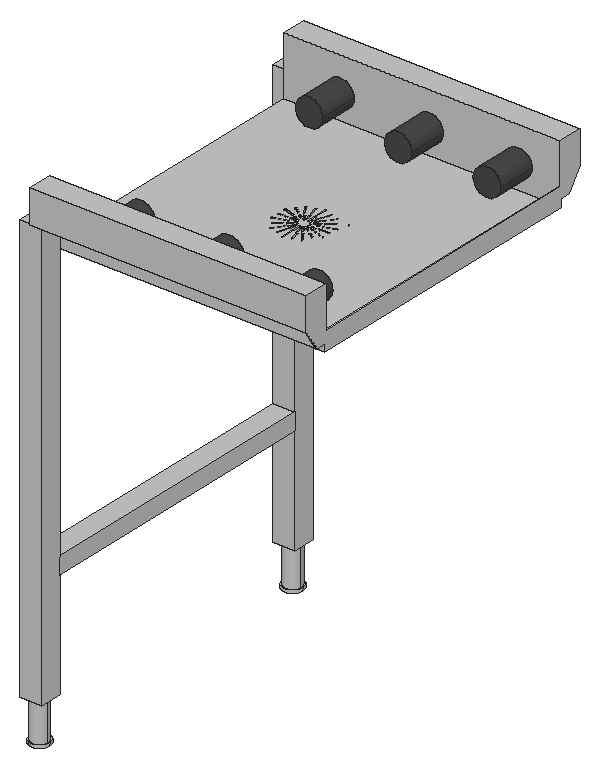
Revit family "QF_ELECTROLUXPROFESSIONAL_863138_HSSRC5", category Specialty Equipment, Revit 2018
Family settings
  Round Connector Dimension = Use Diameter
  Part Type = Normal
  Work Plane-Based = No
  Always vertical = Yes
  Cut with Voids When Loaded = No
  Shared = No
  Room Calculation Point = No
Parameters (values of type "QF_ELECTROLUX_863138_HSSRC5")
  Weight = 9.00 kg
  Watts = 0 W
  Volts = 0 V
  URL Manufacturer = "http://professional.electrolux.com"
  URL = "http://professional.electrolux.com"
  Steam Supply Size = 0 mm
  Steam Supply Minimum Pressure = 0.0 Pa
  Steam Supply Maximum Pressure = 0.0 Pa
  Steam Pounds per Hour = 0
  Refrigeration Suction Line Size = 0 mm
  Refrigeration Liquid Line Size = 0 mm
  Refrigerant Compressor Remote = yes
  Manufacturer = "Electrolux"
  Phase = 0
  Model = "HSSRC5"
  Length Actual = 500 mm  # constant formula
  Item Number = "863138"
  Hot Water Size = 0 mm
  Height Actual = 910 mm  # constant formula
  HP = "0 HP"
  Gas Size = 0 mm
  Gas KW = 0
  Gas Input Pressure = 0 W
  Description = "CONVEYOR, SHORT ROLLERS, 500 MM"
  Depth Actual = 620 mm  # constant formula
  Cycle = 0 Hz
  Condensate Return Size = 0 mm
  Compressed Air Volume = 0.0 L/s
  Compressed Air Size = 0 mm
  Compressed Air Pressure = 0.0 Pa
  Cold Water Size = 0 mm
  Accessory = yes
Values of the unnamed type that differ from the named types
  URL Manufacturer = ""
  Item Number = ""
  HP = ""
Reference planes
  plane 1 "Centro (Fronte/Retro)": y = 74.737
  plane 2: z = 0
  plane 3 "LEFT": x = -1038.761
  plane 4 "BACK": y = 384.737
  plane 5 "FRONT": y = -235.263
  plane 6: z = 910
  plane 7 "RIGHT": x = -538.761
  plane 8: x = -808.761
Forms (mm)
  Extrusion 1, solid, material "QF_Finishes_Stainless Steel"
    sketch origin (0, 74.737, 0) x (1, 0, 0) y (0, 0, 1)
      loop
        line (-1079.929, 300) -> (-1079.929, 270) -> (-1039.929, 270) -> (-1039.929, 300) -> (-1079.929, 300)
    from -266.504 to 266.46
  Extrusion 2, solid, material "QF_Finishes_Stainless Steel"
    sketch origin (-8.761, 0, 0) x (0, 1, 0) y (0, 0, 1)
      loop
        line (-235.263, 910) -> (-235.263, 850.033) -> (-190.242, 850.033) -> (-190.242, 910) -> (-235.263, 910)
      loop
        line (384.737, 910) -> (339.716, 910) -> (339.716, 850.033) -> (384.737, 850.033) -> (384.737, 910)
    from -1050 to -551.2
  Extrusion 3, solid, material "QF_Finishes_Stainless Steel"
    sketch origin (-8.761, 0, 0) x (0, 1, 0) y (0, 0, 1)
      loop
        line (-191.727, 850.033) -> (-191.727, 800.081) -> (341.245, 800.081) -> (341.245, 850.033) -> (339.716, 850.033) -> (339.716, 803.081) -> (-190.242, 803.081) -> (-190.242, 850.033) -> (-191.727, 850.033)
    from -1050 to -551.2
  Extrusion 4, solid, material "QF_Finishes_Stainless Steel"
    sketch origin (941.239, 723.253, 4000) x (0, 1, 0) y (0, 0, 1)
      loop
        line (-958.516, -3090) -> (-958.516, -3149.967) -> (-934.752, -3185.632) -> (-915.4, -3185.632) -> (-915.4, -3199.919) -> (-381.633, -3199.919) -> (-381.633, -3185.632) -> (-362.281, -3185.632) -> (-338.516, -3149.967) -> (-338.516, -3090) -> (-383.538, -3090) -> (-383.538, -3165.411) -> (-913.495, -3165.411) -> (-913.495, -3090) -> (-958.516, -3090)
    from -1500 to -1501.2
  Revolve 5, solid, material "QF_Finishes_Stainless Steel"
    sketch origin (-808.761, 0, 0) x (0, 1, 0) y (0, 0, 1)
      loop
        line (74.737, 800.081) -> (12.53, 800.081) -> (12.319, 797.4) -> (12.319, 785.476) -> (17.293, 785.476) -> (17.293, 781.772)
        arc (17.293, 781.772) -> (20.266, 773.808) -> (27.77, 769.813) r 11.998
        line (27.77, 769.813) -> (74.737, 764.085) -> (74.737, 800.081)
      axis (74.737, 764.085) -> (74.737, 800.081)
    angle from 0 to 360
  Revolve 6, solid, material "QF_Finishes_Stainless Steel"
    sketch origin (-778.761, -1524, 744.096) x (0, 0, 1) y (0, -1, 0)
      loop
        line (13.017, -1619.713) -> (30, -1619.713) -> (30, -1598.737) -> (0, -1598.737) -> (0, -1619.713) -> (2.434, -1622.253) -> (10.477, -1622.253) -> (13.017, -1619.713)
      axis (0, -1598.737) -> (30, -1598.737)
    angle from 0 to 360
  Extrusion 7, solid, material "QF_Finishes_Black"
    sketch origin (55, 74.737, 0) x (1, 0, 0) y (0, 0, -1)
      loop
        circle (-1008.137, -850.115) r 25
      loop
        circle (-847.137, -850.115) r 25
      loop
        circle (-686.137, -850.115) r 25
    from 190.58 to 260.534
  Extrusion 8, void
    sketch origin (-810.285, 74.899, -57.5) x (1, 0, 0) y (0, 1, 0)
      loop
        arc (-0.452, 24.162) -> (-1.193, 23.855) -> (-1.5, 23.114) r 1.048
        line (-1.5, 23.114) -> (-1.5, 10.174)
        arc (-1.5, 10.174) -> (-1.204, 9.458) -> (-0.488, 9.162) r 1.012
        line (-0.488, 9.162) -> (0.467, 9.162)
        arc (0.467, 9.162) -> (1.197, 9.465) -> (1.5, 10.196) r 1.033
        line (1.5, 10.196) -> (1.5, 23.164)
        arc (1.5, 23.164) -> (1.208, 23.87) -> (0.502, 24.162) r 0.998
        line (0.502, 24.162) -> (-0.452, 24.162)
      loop
        arc (-1.5, 28.981) -> (-1.204, 28.266) -> (-0.488, 27.97) r 1.012
        line (-0.488, 27.97) -> (0.467, 27.97)
        arc (0.467, 27.97) -> (1.197, 28.272) -> (1.5, 29.003) r 1.033
        line (1.5, 29.003) -> (1.5, 49.094)
        arc (1.5, 49.094) -> (1.208, 49.8) -> (0.502, 50.092) r 0.998
        line (0.502, 50.092) -> (-0.452, 50.092)
        arc (-0.452, 50.092) -> (-1.193, 49.785) -> (-1.5, 49.044) r 1.048
        line (-1.5, 49.044) -> (-1.5, 28.981)
    from 829.129 to 875
  Extrusion 9, void
    sketch origin (-810.285, 74.899, -57.5) x (0.809017, -0.587785, 0) y (0.587785, 0.809017, 0)
      loop
        arc (-0.452, 24.162) -> (-1.193, 23.855) -> (-1.5, 23.114) r 1.048
        line (-1.5, 23.114) -> (-1.5, 10.174)
        arc (-1.5, 10.174) -> (-1.204, 9.458) -> (-0.488, 9.162) r 1.012
        line (-0.488, 9.162) -> (0.467, 9.162)
        arc (0.467, 9.162) -> (1.197, 9.465) -> (1.5, 10.196) r 1.033
        line (1.5, 10.196) -> (1.5, 23.164)
        arc (1.5, 23.164) -> (1.208, 23.87) -> (0.502, 24.162) r 0.998
        line (0.502, 24.162) -> (-0.452, 24.162)
      loop
        arc (-1.5, 28.981) -> (-1.204, 28.266) -> (-0.488, 27.97) r 1.012
        line (-0.488, 27.97) -> (0.467, 27.97)
        arc (0.467, 27.97) -> (1.197, 28.272) -> (1.5, 29.003) r 1.033
        line (1.5, 29.003) -> (1.5, 49.094)
        arc (1.5, 49.094) -> (1.208, 49.8) -> (0.502, 50.092) r 0.998
        line (0.502, 50.092) -> (-0.452, 50.092)
        arc (-0.452, 50.092) -> (-1.193, 49.785) -> (-1.5, 49.044) r 1.048
        line (-1.5, 49.044) -> (-1.5, 28.981)
    from 829.129 to 875
  Extrusion 10, void
    sketch origin (-810.285, 74.899, -57.5) x (0.809017, 0.587785, 0) y (-0.587785, 0.809017, 0)
      loop
        arc (-0.452, 24.162) -> (-1.193, 23.855) -> (-1.5, 23.114) r 1.048
        line (-1.5, 23.114) -> (-1.5, 10.174)
        arc (-1.5, 10.174) -> (-1.204, 9.458) -> (-0.488, 9.162) r 1.012
        line (-0.488, 9.162) -> (0.467, 9.162)
        arc (0.467, 9.162) -> (1.197, 9.465) -> (1.5, 10.196) r 1.033
        line (1.5, 10.196) -> (1.5, 23.164)
        arc (1.5, 23.164) -> (1.208, 23.87) -> (0.502, 24.162) r 0.998
        line (0.502, 24.162) -> (-0.452, 24.162)
      loop
        arc (-1.5, 28.981) -> (-1.204, 28.266) -> (-0.488, 27.97) r 1.012
        line (-0.488, 27.97) -> (0.467, 27.97)
        arc (0.467, 27.97) -> (1.197, 28.272) -> (1.5, 29.003) r 1.033
        line (1.5, 29.003) -> (1.5, 49.094)
        arc (1.5, 49.094) -> (1.208, 49.8) -> (0.502, 50.092) r 0.998
        line (0.502, 50.092) -> (-0.452, 50.092)
        arc (-0.452, 50.092) -> (-1.193, 49.785) -> (-1.5, 49.044) r 1.048
        line (-1.5, 49.044) -> (-1.5, 28.981)
    from 829.129 to 875
  Extrusion 11, void
    sketch origin (-810.285, 74.899, -57.5) x (0.309017, 0.951057, 0) y (-0.951057, 0.309017, 0)
      loop
        arc (-0.452, 24.162) -> (-1.193, 23.855) -> (-1.5, 23.114) r 1.048
        line (-1.5, 23.114) -> (-1.5, 10.174)
        arc (-1.5, 10.174) -> (-1.204, 9.458) -> (-0.488, 9.162) r 1.012
        line (-0.488, 9.162) -> (0.467, 9.162)
        arc (0.467, 9.162) -> (1.197, 9.465) -> (1.5, 10.196) r 1.033
        line (1.5, 10.196) -> (1.5, 23.164)
        arc (1.5, 23.164) -> (1.208, 23.87) -> (0.502, 24.162) r 0.998
        line (0.502, 24.162) -> (-0.452, 24.162)
      loop
        arc (-1.5, 28.981) -> (-1.204, 28.266) -> (-0.488, 27.97) r 1.012
        line (-0.488, 27.97) -> (0.467, 27.97)
        arc (0.467, 27.97) -> (1.197, 28.272) -> (1.5, 29.003) r 1.033
        line (1.5, 29.003) -> (1.5, 49.094)
        arc (1.5, 49.094) -> (1.208, 49.8) -> (0.502, 50.092) r 0.998
        line (0.502, 50.092) -> (-0.452, 50.092)
        arc (-0.452, 50.092) -> (-1.193, 49.785) -> (-1.5, 49.044) r 1.048
        line (-1.5, 49.044) -> (-1.5, 28.981)
    from 829.129 to 875
  Extrusion 12, void
    sketch origin (-810.285, 74.899, -57.5) x (-0.309017, 0.951057, 0) y (-0.951057, -0.309017, 0)
      loop
        arc (-0.452, 24.162) -> (-1.193, 23.855) -> (-1.5, 23.114) r 1.048
        line (-1.5, 23.114) -> (-1.5, 10.174)
        arc (-1.5, 10.174) -> (-1.204, 9.458) -> (-0.488, 9.162) r 1.012
        line (-0.488, 9.162) -> (0.467, 9.162)
        arc (0.467, 9.162) -> (1.197, 9.465) -> (1.5, 10.196) r 1.033
        line (1.5, 10.196) -> (1.5, 23.164)
        arc (1.5, 23.164) -> (1.208, 23.87) -> (0.502, 24.162) r 0.998
        line (0.502, 24.162) -> (-0.452, 24.162)
      loop
        arc (-1.5, 28.981) -> (-1.204, 28.266) -> (-0.488, 27.97) r 1.012
        line (-0.488, 27.97) -> (0.467, 27.97)
        arc (0.467, 27.97) -> (1.197, 28.272) -> (1.5, 29.003) r 1.033
        line (1.5, 29.003) -> (1.5, 49.094)
        arc (1.5, 49.094) -> (1.208, 49.8) -> (0.502, 50.092) r 0.998
        line (0.502, 50.092) -> (-0.452, 50.092)
        arc (-0.452, 50.092) -> (-1.193, 49.785) -> (-1.5, 49.044) r 1.048
        line (-1.5, 49.044) -> (-1.5, 28.981)
    from 829.129 to 875
  Extrusion 13, void
    sketch origin (-810.285, 74.899, -57.5) x (-0.809017, 0.587785, 0) y (-0.587785, -0.809017, 0)
      loop
        arc (-0.452, 24.162) -> (-1.193, 23.855) -> (-1.5, 23.114) r 1.048
        line (-1.5, 23.114) -> (-1.5, 10.174)
        arc (-1.5, 10.174) -> (-1.204, 9.458) -> (-0.488, 9.162) r 1.012
        line (-0.488, 9.162) -> (0.467, 9.162)
        arc (0.467, 9.162) -> (1.197, 9.465) -> (1.5, 10.196) r 1.033
        line (1.5, 10.196) -> (1.5, 23.164)
        arc (1.5, 23.164) -> (1.208, 23.87) -> (0.502, 24.162) r 0.998
        line (0.502, 24.162) -> (-0.452, 24.162)
      loop
        arc (-1.5, 28.981) -> (-1.204, 28.266) -> (-0.488, 27.97) r 1.012
        line (-0.488, 27.97) -> (0.467, 27.97)
        arc (0.467, 27.97) -> (1.197, 28.272) -> (1.5, 29.003) r 1.033
        line (1.5, 29.003) -> (1.5, 49.094)
        arc (1.5, 49.094) -> (1.208, 49.8) -> (0.502, 50.092) r 0.998
        line (0.502, 50.092) -> (-0.452, 50.092)
        arc (-0.452, 50.092) -> (-1.193, 49.785) -> (-1.5, 49.044) r 1.048
        line (-1.5, 49.044) -> (-1.5, 28.981)
    from 829.129 to 875
  Extrusion 14, void
    sketch origin (-810.285, 74.899, -57.5) x (-1, 0, 0) y (0, -1, 0)
      loop
        arc (-0.452, 24.162) -> (-1.193, 23.855) -> (-1.5, 23.114) r 1.048
        line (-1.5, 23.114) -> (-1.5, 10.174)
        arc (-1.5, 10.174) -> (-1.204, 9.458) -> (-0.488, 9.162) r 1.012
        line (-0.488, 9.162) -> (0.467, 9.162)
        arc (0.467, 9.162) -> (1.197, 9.465) -> (1.5, 10.196) r 1.033
        line (1.5, 10.196) -> (1.5, 23.164)
        arc (1.5, 23.164) -> (1.208, 23.87) -> (0.502, 24.162) r 0.998
        line (0.502, 24.162) -> (-0.452, 24.162)
      loop
        arc (-1.5, 28.981) -> (-1.204, 28.266) -> (-0.488, 27.97) r 1.012
        line (-0.488, 27.97) -> (0.467, 27.97)
        arc (0.467, 27.97) -> (1.197, 28.272) -> (1.5, 29.003) r 1.033
        line (1.5, 29.003) -> (1.5, 49.094)
        arc (1.5, 49.094) -> (1.208, 49.8) -> (0.502, 50.092) r 0.998
        line (0.502, 50.092) -> (-0.452, 50.092)
        arc (-0.452, 50.092) -> (-1.193, 49.785) -> (-1.5, 49.044) r 1.048
        line (-1.5, 49.044) -> (-1.5, 28.981)
    from 829.129 to 875
  Extrusion 15, void
    sketch origin (-810.285, 74.899, -57.5) x (-0.809017, -0.587785, 0) y (0.587785, -0.809017, 0)
      loop
        arc (-0.452, 24.162) -> (-1.193, 23.855) -> (-1.5, 23.114) r 1.048
        line (-1.5, 23.114) -> (-1.5, 10.174)
        arc (-1.5, 10.174) -> (-1.204, 9.458) -> (-0.488, 9.162) r 1.012
        line (-0.488, 9.162) -> (0.467, 9.162)
        arc (0.467, 9.162) -> (1.197, 9.465) -> (1.5, 10.196) r 1.033
        line (1.5, 10.196) -> (1.5, 23.164)
        arc (1.5, 23.164) -> (1.208, 23.87) -> (0.502, 24.162) r 0.998
        line (0.502, 24.162) -> (-0.452, 24.162)
      loop
        arc (-1.5, 28.981) -> (-1.204, 28.266) -> (-0.488, 27.97) r 1.012
        line (-0.488, 27.97) -> (0.467, 27.97)
        arc (0.467, 27.97) -> (1.197, 28.272) -> (1.5, 29.003) r 1.033
        line (1.5, 29.003) -> (1.5, 49.094)
        arc (1.5, 49.094) -> (1.208, 49.8) -> (0.502, 50.092) r 0.998
        line (0.502, 50.092) -> (-0.452, 50.092)
        arc (-0.452, 50.092) -> (-1.193, 49.785) -> (-1.5, 49.044) r 1.048
        line (-1.5, 49.044) -> (-1.5, 28.981)
    from 829.129 to 875
  Extrusion 16, void
    sketch origin (-810.285, 74.899, -57.5) x (-0.309017, -0.951057, 0) y (0.951057, -0.309017, 0)
      loop
        arc (-0.452, 24.162) -> (-1.193, 23.855) -> (-1.5, 23.114) r 1.048
        line (-1.5, 23.114) -> (-1.5, 10.174)
        arc (-1.5, 10.174) -> (-1.204, 9.458) -> (-0.488, 9.162) r 1.012
        line (-0.488, 9.162) -> (0.467, 9.162)
        arc (0.467, 9.162) -> (1.197, 9.465) -> (1.5, 10.196) r 1.033
        line (1.5, 10.196) -> (1.5, 23.164)
        arc (1.5, 23.164) -> (1.208, 23.87) -> (0.502, 24.162) r 0.998
        line (0.502, 24.162) -> (-0.452, 24.162)
      loop
        arc (-1.5, 28.981) -> (-1.204, 28.266) -> (-0.488, 27.97) r 1.012
        line (-0.488, 27.97) -> (0.467, 27.97)
        arc (0.467, 27.97) -> (1.197, 28.272) -> (1.5, 29.003) r 1.033
        line (1.5, 29.003) -> (1.5, 49.094)
        arc (1.5, 49.094) -> (1.208, 49.8) -> (0.502, 50.092) r 0.998
        line (0.502, 50.092) -> (-0.452, 50.092)
        arc (-0.452, 50.092) -> (-1.193, 49.785) -> (-1.5, 49.044) r 1.048
        line (-1.5, 49.044) -> (-1.5, 28.981)
    from 829.129 to 875
  Extrusion 17, void
    sketch origin (-810.285, 74.899, -57.5) x (0.309017, -0.951057, 0) y (0.951057, 0.309017, 0)
      loop
        arc (-0.452, 24.162) -> (-1.193, 23.855) -> (-1.5, 23.114) r 1.048
        line (-1.5, 23.114) -> (-1.5, 10.174)
        arc (-1.5, 10.174) -> (-1.204, 9.458) -> (-0.488, 9.162) r 1.012
        line (-0.488, 9.162) -> (0.467, 9.162)
        arc (0.467, 9.162) -> (1.197, 9.465) -> (1.5, 10.196) r 1.033
        line (1.5, 10.196) -> (1.5, 23.164)
        arc (1.5, 23.164) -> (1.208, 23.87) -> (0.502, 24.162) r 0.998
        line (0.502, 24.162) -> (-0.452, 24.162)
      loop
        arc (-1.5, 28.981) -> (-1.204, 28.266) -> (-0.488, 27.97) r 1.012
        line (-0.488, 27.97) -> (0.467, 27.97)
        arc (0.467, 27.97) -> (1.197, 28.272) -> (1.5, 29.003) r 1.033
        line (1.5, 29.003) -> (1.5, 49.094)
        arc (1.5, 49.094) -> (1.208, 49.8) -> (0.502, 50.092) r 0.998
        line (0.502, 50.092) -> (-0.452, 50.092)
        arc (-0.452, 50.092) -> (-1.193, 49.785) -> (-1.5, 49.044) r 1.048
        line (-1.5, 49.044) -> (-1.5, 28.981)
    from 829.129 to 875
  Extrusion 18, void
    sketch origin (-910.229, 74.899, -57.5) x (1, 0, 0) y (0, 1, 0)
      loop
        circle (100, 0) r 5
    from 829.129 to 875
  Extrusion 19, void
    sketch origin (-810.285, 74.899, -57.5) x (1, 0, 0) y (0, 1, 0)
      loop
        arc (-24.168, 1.5) -> (-24.873, 1.208) -> (-25.165, 0.503) r 0.997
        line (-25.165, 0.503) -> (-25.165, -0.487)
        arc (-25.165, -0.487) -> (-24.868, -1.203) -> (-24.152, -1.5) r 1.013
        line (-24.152, -1.5) -> (-14.992, -1.5)
        arc (-14.992, -1.5) -> (-14.284, -1.207) -> (-13.992, -0.5) r 1
        line (-13.992, -0.5) -> (-13.992, 0.465)
        arc (-13.992, 0.465) -> (-14.295, 1.197) -> (-15.027, 1.5) r 1.035
        line (-15.027, 1.5) -> (-24.168, 1.5)
      loop
        arc (-45.428, 1.5) -> (-46.134, 1.208) -> (-46.426, 0.503) r 0.997
        line (-46.426, 0.503) -> (-46.426, -0.487)
        arc (-46.426, -0.487) -> (-46.129, -1.203) -> (-45.412, -1.5) r 1.013
        line (-45.412, -1.5) -> (-30.627, -1.5)
        arc (-30.627, -1.5) -> (-29.92, -1.207) -> (-29.627, -0.5) r 1
        line (-29.627, -0.5) -> (-29.627, 0.465)
        arc (-29.627, 0.465) -> (-29.93, 1.197) -> (-30.662, 1.5) r 1.035
        line (-30.662, 1.5) -> (-45.428, 1.5)
    from 829.129 to 875
  Extrusion 20, void
    sketch origin (-810.285, 74.899, -57.5) x (0.809017, -0.587785, 0) y (0.587785, 0.809017, 0)
      loop
        arc (-24.168, 1.5) -> (-24.873, 1.208) -> (-25.165, 0.503) r 0.997
        line (-25.165, 0.503) -> (-25.165, -0.487)
        arc (-25.165, -0.487) -> (-24.868, -1.203) -> (-24.152, -1.5) r 1.013
        line (-24.152, -1.5) -> (-14.992, -1.5)
        arc (-14.992, -1.5) -> (-14.284, -1.207) -> (-13.992, -0.5) r 1
        line (-13.992, -0.5) -> (-13.992, 0.465)
        arc (-13.992, 0.465) -> (-14.295, 1.197) -> (-15.027, 1.5) r 1.035
        line (-15.027, 1.5) -> (-24.168, 1.5)
      loop
        arc (-45.428, 1.5) -> (-46.134, 1.208) -> (-46.426, 0.503) r 0.997
        line (-46.426, 0.503) -> (-46.426, -0.487)
        arc (-46.426, -0.487) -> (-46.129, -1.203) -> (-45.412, -1.5) r 1.013
        line (-45.412, -1.5) -> (-30.627, -1.5)
        arc (-30.627, -1.5) -> (-29.92, -1.207) -> (-29.627, -0.5) r 1
        line (-29.627, -0.5) -> (-29.627, 0.465)
        arc (-29.627, 0.465) -> (-29.93, 1.197) -> (-30.662, 1.5) r 1.035
        line (-30.662, 1.5) -> (-45.428, 1.5)
    from 829.129 to 875
  Extrusion 21, void
    sketch origin (-810.285, 74.899, -57.5) x (0.809017, 0.587785, 0) y (-0.587785, 0.809017, 0)
      loop
        arc (-24.168, 1.5) -> (-24.873, 1.208) -> (-25.165, 0.503) r 0.997
        line (-25.165, 0.503) -> (-25.165, -0.487)
        arc (-25.165, -0.487) -> (-24.868, -1.203) -> (-24.152, -1.5) r 1.013
        line (-24.152, -1.5) -> (-14.992, -1.5)
        arc (-14.992, -1.5) -> (-14.284, -1.207) -> (-13.992, -0.5) r 1
        line (-13.992, -0.5) -> (-13.992, 0.465)
        arc (-13.992, 0.465) -> (-14.295, 1.197) -> (-15.027, 1.5) r 1.035
        line (-15.027, 1.5) -> (-24.168, 1.5)
      loop
        arc (-45.428, 1.5) -> (-46.134, 1.208) -> (-46.426, 0.503) r 0.997
        line (-46.426, 0.503) -> (-46.426, -0.487)
        arc (-46.426, -0.487) -> (-46.129, -1.203) -> (-45.412, -1.5) r 1.013
        line (-45.412, -1.5) -> (-30.627, -1.5)
        arc (-30.627, -1.5) -> (-29.92, -1.207) -> (-29.627, -0.5) r 1
        line (-29.627, -0.5) -> (-29.627, 0.465)
        arc (-29.627, 0.465) -> (-29.93, 1.197) -> (-30.662, 1.5) r 1.035
        line (-30.662, 1.5) -> (-45.428, 1.5)
    from 829.129 to 875
  Extrusion 22, void
    sketch origin (-810.285, 74.899, -57.5) x (0.309017, 0.951057, 0) y (-0.951057, 0.309017, 0)
      loop
        arc (-24.168, 1.5) -> (-24.873, 1.208) -> (-25.165, 0.503) r 0.997
        line (-25.165, 0.503) -> (-25.165, -0.487)
        arc (-25.165, -0.487) -> (-24.868, -1.203) -> (-24.152, -1.5) r 1.013
        line (-24.152, -1.5) -> (-14.992, -1.5)
        arc (-14.992, -1.5) -> (-14.284, -1.207) -> (-13.992, -0.5) r 1
        line (-13.992, -0.5) -> (-13.992, 0.465)
        arc (-13.992, 0.465) -> (-14.295, 1.197) -> (-15.027, 1.5) r 1.035
        line (-15.027, 1.5) -> (-24.168, 1.5)
      loop
        arc (-45.428, 1.5) -> (-46.134, 1.208) -> (-46.426, 0.503) r 0.997
        line (-46.426, 0.503) -> (-46.426, -0.487)
        arc (-46.426, -0.487) -> (-46.129, -1.203) -> (-45.412, -1.5) r 1.013
        line (-45.412, -1.5) -> (-30.627, -1.5)
        arc (-30.627, -1.5) -> (-29.92, -1.207) -> (-29.627, -0.5) r 1
        line (-29.627, -0.5) -> (-29.627, 0.465)
        arc (-29.627, 0.465) -> (-29.93, 1.197) -> (-30.662, 1.5) r 1.035
        line (-30.662, 1.5) -> (-45.428, 1.5)
    from 829.129 to 875
  Extrusion 23, void
    sketch origin (-810.285, 74.899, -57.5) x (-0.309017, 0.951057, 0) y (-0.951057, -0.309017, 0)
      loop
        arc (-24.168, 1.5) -> (-24.873, 1.208) -> (-25.165, 0.503) r 0.997
        line (-25.165, 0.503) -> (-25.165, -0.487)
        arc (-25.165, -0.487) -> (-24.868, -1.203) -> (-24.152, -1.5) r 1.013
        line (-24.152, -1.5) -> (-14.992, -1.5)
        arc (-14.992, -1.5) -> (-14.284, -1.207) -> (-13.992, -0.5) r 1
        line (-13.992, -0.5) -> (-13.992, 0.465)
        arc (-13.992, 0.465) -> (-14.295, 1.197) -> (-15.027, 1.5) r 1.035
        line (-15.027, 1.5) -> (-24.168, 1.5)
      loop
        arc (-45.428, 1.5) -> (-46.134, 1.208) -> (-46.426, 0.503) r 0.997
        line (-46.426, 0.503) -> (-46.426, -0.487)
        arc (-46.426, -0.487) -> (-46.129, -1.203) -> (-45.412, -1.5) r 1.013
        line (-45.412, -1.5) -> (-30.627, -1.5)
        arc (-30.627, -1.5) -> (-29.92, -1.207) -> (-29.627, -0.5) r 1
        line (-29.627, -0.5) -> (-29.627, 0.465)
        arc (-29.627, 0.465) -> (-29.93, 1.197) -> (-30.662, 1.5) r 1.035
        line (-30.662, 1.5) -> (-45.428, 1.5)
    from 829.129 to 875
  Extrusion 24, void
    sketch origin (-810.285, 74.899, -57.5) x (-0.809017, 0.587785, 0) y (-0.587785, -0.809017, 0)
      loop
        arc (-24.168, 1.5) -> (-24.873, 1.208) -> (-25.165, 0.503) r 0.997
        line (-25.165, 0.503) -> (-25.165, -0.487)
        arc (-25.165, -0.487) -> (-24.868, -1.203) -> (-24.152, -1.5) r 1.013
        line (-24.152, -1.5) -> (-14.992, -1.5)
        arc (-14.992, -1.5) -> (-14.284, -1.207) -> (-13.992, -0.5) r 1
        line (-13.992, -0.5) -> (-13.992, 0.465)
        arc (-13.992, 0.465) -> (-14.295, 1.197) -> (-15.027, 1.5) r 1.035
        line (-15.027, 1.5) -> (-24.168, 1.5)
      loop
        arc (-45.428, 1.5) -> (-46.134, 1.208) -> (-46.426, 0.503) r 0.997
        line (-46.426, 0.503) -> (-46.426, -0.487)
        arc (-46.426, -0.487) -> (-46.129, -1.203) -> (-45.412, -1.5) r 1.013
        line (-45.412, -1.5) -> (-30.627, -1.5)
        arc (-30.627, -1.5) -> (-29.92, -1.207) -> (-29.627, -0.5) r 1
        line (-29.627, -0.5) -> (-29.627, 0.465)
        arc (-29.627, 0.465) -> (-29.93, 1.197) -> (-30.662, 1.5) r 1.035
        line (-30.662, 1.5) -> (-45.428, 1.5)
    from 829.129 to 875
  Extrusion 25, void
    sketch origin (-810.285, 74.899, -57.5) x (-1, 0, 0) y (0, -1, 0)
      loop
        arc (-24.168, 1.5) -> (-24.873, 1.208) -> (-25.165, 0.503) r 0.997
        line (-25.165, 0.503) -> (-25.165, -0.487)
        arc (-25.165, -0.487) -> (-24.868, -1.203) -> (-24.152, -1.5) r 1.013
        line (-24.152, -1.5) -> (-14.992, -1.5)
        arc (-14.992, -1.5) -> (-14.284, -1.207) -> (-13.992, -0.5) r 1
        line (-13.992, -0.5) -> (-13.992, 0.465)
        arc (-13.992, 0.465) -> (-14.295, 1.197) -> (-15.027, 1.5) r 1.035
        line (-15.027, 1.5) -> (-24.168, 1.5)
      loop
        arc (-45.428, 1.5) -> (-46.134, 1.208) -> (-46.426, 0.503) r 0.997
        line (-46.426, 0.503) -> (-46.426, -0.487)
        arc (-46.426, -0.487) -> (-46.129, -1.203) -> (-45.412, -1.5) r 1.013
        line (-45.412, -1.5) -> (-30.627, -1.5)
        arc (-30.627, -1.5) -> (-29.92, -1.207) -> (-29.627, -0.5) r 1
        line (-29.627, -0.5) -> (-29.627, 0.465)
        arc (-29.627, 0.465) -> (-29.93, 1.197) -> (-30.662, 1.5) r 1.035
        line (-30.662, 1.5) -> (-45.428, 1.5)
    from 829.129 to 875
  Extrusion 26, void
    sketch origin (-810.285, 74.899, -57.5) x (-0.809017, -0.587785, 0) y (0.587785, -0.809017, 0)
      loop
        arc (-24.168, 1.5) -> (-24.873, 1.208) -> (-25.165, 0.503) r 0.997
        line (-25.165, 0.503) -> (-25.165, -0.487)
        arc (-25.165, -0.487) -> (-24.868, -1.203) -> (-24.152, -1.5) r 1.013
        line (-24.152, -1.5) -> (-14.992, -1.5)
        arc (-14.992, -1.5) -> (-14.284, -1.207) -> (-13.992, -0.5) r 1
        line (-13.992, -0.5) -> (-13.992, 0.465)
        arc (-13.992, 0.465) -> (-14.295, 1.197) -> (-15.027, 1.5) r 1.035
        line (-15.027, 1.5) -> (-24.168, 1.5)
      loop
        arc (-45.428, 1.5) -> (-46.134, 1.208) -> (-46.426, 0.503) r 0.997
        line (-46.426, 0.503) -> (-46.426, -0.487)
        arc (-46.426, -0.487) -> (-46.129, -1.203) -> (-45.412, -1.5) r 1.013
        line (-45.412, -1.5) -> (-30.627, -1.5)
        arc (-30.627, -1.5) -> (-29.92, -1.207) -> (-29.627, -0.5) r 1
        line (-29.627, -0.5) -> (-29.627, 0.465)
        arc (-29.627, 0.465) -> (-29.93, 1.197) -> (-30.662, 1.5) r 1.035
        line (-30.662, 1.5) -> (-45.428, 1.5)
    from 829.129 to 875
  Extrusion 27, void
    sketch origin (-810.285, 74.899, -57.5) x (-0.309017, -0.951057, 0) y (0.951057, -0.309017, 0)
      loop
        arc (-24.168, 1.5) -> (-24.873, 1.208) -> (-25.165, 0.503) r 0.997
        line (-25.165, 0.503) -> (-25.165, -0.487)
        arc (-25.165, -0.487) -> (-24.868, -1.203) -> (-24.152, -1.5) r 1.013
        line (-24.152, -1.5) -> (-14.992, -1.5)
        arc (-14.992, -1.5) -> (-14.284, -1.207) -> (-13.992, -0.5) r 1
        line (-13.992, -0.5) -> (-13.992, 0.465)
        arc (-13.992, 0.465) -> (-14.295, 1.197) -> (-15.027, 1.5) r 1.035
        line (-15.027, 1.5) -> (-24.168, 1.5)
      loop
        arc (-45.428, 1.5) -> (-46.134, 1.208) -> (-46.426, 0.503) r 0.997
        line (-46.426, 0.503) -> (-46.426, -0.487)
        arc (-46.426, -0.487) -> (-46.129, -1.203) -> (-45.412, -1.5) r 1.013
        line (-45.412, -1.5) -> (-30.627, -1.5)
        arc (-30.627, -1.5) -> (-29.92, -1.207) -> (-29.627, -0.5) r 1
        line (-29.627, -0.5) -> (-29.627, 0.465)
        arc (-29.627, 0.465) -> (-29.93, 1.197) -> (-30.662, 1.5) r 1.035
        line (-30.662, 1.5) -> (-45.428, 1.5)
    from 829.129 to 875
  Extrusion 28, void
    sketch origin (-810.285, 74.899, -57.5) x (0.309017, -0.951057, 0) y (0.951057, 0.309017, 0)
      loop
        arc (-24.168, 1.5) -> (-24.873, 1.208) -> (-25.165, 0.503) r 0.997
        line (-25.165, 0.503) -> (-25.165, -0.487)
        arc (-25.165, -0.487) -> (-24.868, -1.203) -> (-24.152, -1.5) r 1.013
        line (-24.152, -1.5) -> (-14.992, -1.5)
        arc (-14.992, -1.5) -> (-14.284, -1.207) -> (-13.992, -0.5) r 1
        line (-13.992, -0.5) -> (-13.992, 0.465)
        arc (-13.992, 0.465) -> (-14.295, 1.197) -> (-15.027, 1.5) r 1.035
        line (-15.027, 1.5) -> (-24.168, 1.5)
      loop
        arc (-45.428, 1.5) -> (-46.134, 1.208) -> (-46.426, 0.503) r 0.997
        line (-46.426, 0.503) -> (-46.426, -0.487)
        arc (-46.426, -0.487) -> (-46.129, -1.203) -> (-45.412, -1.5) r 1.013
        line (-45.412, -1.5) -> (-30.627, -1.5)
        arc (-30.627, -1.5) -> (-29.92, -1.207) -> (-29.627, -0.5) r 1
        line (-29.627, -0.5) -> (-29.627, 0.465)
        arc (-29.627, 0.465) -> (-29.93, 1.197) -> (-30.662, 1.5) r 1.035
        line (-30.662, 1.5) -> (-45.428, 1.5)
    from 829.129 to 875
  Extrusion 29, solid, material "QF_Finishes_Black"
    sketch origin (55, 74.737, 0) x (1, 0, 0) y (0, 0, 1)
      loop
        circle (-1008.137, 850.115) r 25
      loop
        circle (-847.137, 850.115) r 25
      loop
        circle (-686.137, 850.115) r 25
    from 190.58 to 260.534
Cuts and joins
  Extrusion 8, Extrusion 9, Extrusion 10, Extrusion 11, Extrusion 12, Extrusion 13, Extrusion 14, Extrusion 15, Extrusion 16, Extrusion 17, Extrusion 19, Extrusion 20, Extrusion 21, Extrusion 22, Extrusion 23, Extrusion 24, Extrusion 25, Extrusion 26, Extrusion 27, Extrusion 28 cuts Extrusion 3
  joined: Extrusion 2, Extrusion 3, Extrusion 4, Revolve 5, Revolve 6
Lines and regions (mm)
  Masking region 1
    outline origin (0, 0, 0) x (1, 0, 0) y (0, 1, 0)
      loop
        line (-1038.761, 384.737) -> (-1038.761, -235.263) -> (-538.761, -235.263) -> (-538.761, 384.737) -> (-1038.761, 384.737)
  symbolic lines
    curve 1: line (-538.761, 384.737, 0) -> (-1038.761, 384.737, 0)
    curve 2: line (-1038.761, 384.737, 0) -> (-1038.761, -235.263, 0)
    curve 3: line (-1038.761, 339.716, 0) -> (-538.761, 339.716, 0)
    curve 4: line (-1038.761, -235.263, 0) -> (-538.761, -235.263, 0)
    curve 5: line (-538.761, -235.263, 0) -> (-538.761, 384.737, 0)
    curve 6: line (-538.761, -190.242, 0) -> (-1038.761, -190.242, 0)
    curve 7: line (-538.761, 74.737, 0) -> (-568.761, 74.737, 0)
    curve 8: line (-1038.761, 74.737, 0) -> (-1008.761, 74.737, 0)
    curve 9: arc (-808.761, 12.319, 0) -> (-871.179, 74.737, 0) -> (-808.761, 137.156, 0) r 62.418
    curve 10: arc (-808.761, 137.156, 0) -> (-746.342, 74.737, 0) -> (-808.761, 12.319, 0) r 62.418
    curve 11: arc (-778.761, 95.713, 0) -> (-799.737, 74.737, 0) -> (-778.761, 53.761, 0) r 20.976
    curve 12: arc (-778.761, 53.761, 0) -> (-757.785, 74.737, 0) -> (-778.761, 95.713, 0) r 20.976
    curve 13: line (-928.137, 265.317, 0) -> (-978.137, 265.317, 0)
    curve 14: line (-978.137, 265.317, 0) -> (-978.137, 335.271, 0)
    curve 15: line (-978.137, 335.271, 0) -> (-928.137, 335.271, 0)
    curve 16: line (-928.137, 335.271, 0) -> (-928.137, 265.317, 0)
    curve 17: line (-816.851, 265.317, 0) -> (-766.851, 265.317, 0)
    curve 18: line (-766.851, 265.317, 0) -> (-766.851, 335.271, 0)
    curve 19: line (-766.851, 335.271, 0) -> (-816.851, 335.271, 0)
    curve 20: line (-816.851, 335.271, 0) -> (-816.851, 265.317, 0)
    curve 21: line (-828.533, 97.463, 0) -> (-840.326, 113.695, 0)
    curve 22: arc (-840.326, 113.695, 0) -> (-840.513, 114.475, 0) -> (-840.094, 115.159, 0) r 1.048
    curve 23: line (-840.094, 115.159, 0) -> (-839.322, 115.719, 0)
    curve 24: arc (-839.322, 115.719, 0) -> (-838.579, 115.898, 0) -> (-837.928, 115.499, 0) r 0.998
    curve 25: line (-837.928, 115.499, 0) -> (-826.119, 99.244, 0)
    curve 26: arc (-826.119, 99.244, 0) -> (-825.934, 98.475, 0) -> (-826.347, 97.801, 0) r 1.033
    curve 27: line (-826.347, 97.801, 0) -> (-827.12, 97.24, 0)
    curve 28: arc (-827.12, 97.24, 0) -> (-827.873, 97.059, 0) -> (-828.533, 97.463, 0) r 1.012
    curve 29: line (-821.176, 103.564, 0) -> (-825.744, 117.625, 0)
    curve 30: arc (-825.744, 117.625, 0) -> (-825.684, 118.398, 0) -> (-825.094, 118.902, 0) r 1.013
    curve 31: line (-825.094, 118.902, 0) -> (-824.153, 119.208, 0)
    curve 32: arc (-824.153, 119.208, 0) -> (-823.392, 119.148, 0) -> (-822.896, 118.567, 0) r 0.997
    curve 33: line (-822.896, 118.567, 0) -> (-818.333, 104.524, 0)
    curve 34: arc (-818.333, 104.524, 0) -> (-818.395, 103.734, 0) -> (-818.998, 103.22, 0) r 1.035
    curve 35: line (-818.998, 103.22, 0) -> (-819.915, 102.921, 0)
    curve 36: arc (-819.915, 102.921, 0) -> (-820.678, 102.982, 0) -> (-821.176, 103.564, 0) r 1
    curve 37: line (-811.785, 103.88, 0) -> (-811.785, 123.943, 0)
    curve 38: arc (-811.785, 123.943, 0) -> (-811.478, 124.684, 0) -> (-810.737, 124.991, 0) r 1.048
    curve 39: line (-810.737, 124.991, 0) -> (-809.783, 124.991, 0)
    curve 40: arc (-809.783, 124.991, 0) -> (-809.077, 124.699, 0) -> (-808.785, 123.993, 0) r 0.998
    curve 41: line (-808.785, 123.993, 0) -> (-808.785, 103.902, 0)
    curve 42: arc (-808.785, 103.902, 0) -> (-809.087, 103.171, 0) -> (-809.818, 102.869, 0) r 1.033
    curve 43: line (-809.818, 102.869, 0) -> (-810.773, 102.869, 0)
    curve 44: arc (-810.773, 102.869, 0) -> (-811.488, 103.165, 0) -> (-811.785, 103.88, 0) r 1.012
    curve 45: line (-802.247, 104.491, 0) -> (-797.678, 118.552, 0)
    curve 46: arc (-797.678, 118.552, 0) -> (-797.174, 119.142, 0) -> (-796.401, 119.203, 0) r 1.013
    curve 47: line (-796.401, 119.203, 0) -> (-795.46, 118.897, 0)
    curve 48: arc (-795.46, 118.897, 0) -> (-794.88, 118.401, 0) -> (-794.82, 117.64, 0) r 0.997
    curve 49: line (-794.82, 117.64, 0) -> (-799.383, 103.597, 0)
    curve 50: arc (-799.383, 103.597, 0) -> (-799.897, 102.995, 0) -> (-800.687, 102.932, 0) r 1.035
    curve 51: line (-800.687, 102.932, 0) -> (-801.605, 103.23, 0)
    curve 52: arc (-801.605, 103.23, 0) -> (-802.187, 103.728, 0) -> (-802.247, 104.491, 0) r 1
    curve 53: line (-794.463, 99.227, 0) -> (-782.671, 115.458, 0)
    curve 54: arc (-782.671, 115.458, 0) -> (-781.987, 115.877, 0) -> (-781.207, 115.69, 0) r 1.048
    curve 55: line (-781.207, 115.69, 0) -> (-780.435, 115.129, 0)
    curve 56: arc (-780.435, 115.129, 0) -> (-780.036, 114.478, 0) -> (-780.214, 113.735, 0) r 0.998
    curve 57: line (-780.214, 113.735, 0) -> (-792.024, 97.481, 0)
    curve 58: arc (-792.024, 97.481, 0) -> (-792.698, 97.068, 0) -> (-793.467, 97.252, 0) r 1.033
    curve 59: line (-793.467, 97.252, 0) -> (-794.24, 97.814, 0)
    curve 60: arc (-794.24, 97.814, 0) -> (-794.644, 98.474, 0) -> (-794.463, 99.227, 0) r 1.012
    curve 61: line (-786.388, 94.115, 0) -> (-774.427, 102.805, 0)
    curve 62: arc (-774.427, 102.805, 0) -> (-773.673, 102.986, 0) -> (-773.011, 102.581, 0) r 1.013
    curve 63: line (-773.011, 102.581, 0) -> (-772.43, 101.781, 0)
    curve 64: arc (-772.43, 101.781, 0) -> (-772.252, 101.038, 0) -> (-772.651, 100.387, 0) r 0.997
    curve 65: line (-772.651, 100.387, 0) -> (-784.597, 91.708, 0)
    curve 66: arc (-784.597, 91.708, 0) -> (-785.367, 91.523, 0) -> (-786.043, 91.937, 0) r 1.035
    curve 67: line (-786.043, 91.937, 0) -> (-786.61, 92.718, 0)
    curve 68: arc (-786.61, 92.718, 0) -> (-786.788, 93.462, 0) -> (-786.388, 94.115, 0) r 1
    curve 69: line (-783.185, 85.281, 0) -> (-764.105, 91.481, 0)
    curve 70: arc (-764.105, 91.481, 0) -> (-763.305, 91.418, 0) -> (-762.784, 90.808, 0) r 1.048
    curve 71: line (-762.784, 90.808, 0) -> (-762.489, 89.901, 0)
    curve 72: arc (-762.489, 89.901, 0) -> (-762.549, 89.139, 0) -> (-763.13, 88.643, 0) r 0.998
    curve 73: line (-763.13, 88.643, 0) -> (-782.238, 82.435, 0)
    curve 74: arc (-782.238, 82.435, 0) -> (-783.026, 82.497, 0) -> (-783.54, 83.098, 0) r 1.033
    curve 75: line (-783.54, 83.098, 0) -> (-783.835, 84.007, 0)
    curve 76: arc (-783.835, 84.007, 0) -> (-783.774, 84.778, 0) -> (-783.185, 85.281, 0) r 1.012
    curve 77: line (-779.658, 76.399, 0) -> (-764.872, 76.399, 0)
    curve 78: arc (-764.872, 76.399, 0) -> (-764.156, 76.102, 0) -> (-763.859, 75.386, 0) r 1.013
    curve 79: line (-763.859, 75.386, 0) -> (-763.859, 74.396, 0)
    curve 80: arc (-763.859, 74.396, 0) -> (-764.151, 73.691, 0) -> (-764.856, 73.399, 0) r 0.997
    curve 81: line (-764.856, 73.399, 0) -> (-779.622, 73.399, 0)
    curve 82: arc (-779.622, 73.399, 0) -> (-780.354, 73.702, 0) -> (-780.658, 74.434, 0) r 1.035
    curve 83: line (-780.658, 74.434, 0) -> (-780.658, 75.399, 0)
    curve 84: arc (-780.658, 75.399, 0) -> (-780.365, 76.106, 0) -> (-779.658, 76.399, 0) r 1
    curve 85: line (-782.258, 67.37, 0) -> (-763.178, 61.17, 0)
    curve 86: arc (-763.178, 61.17, 0) -> (-762.568, 60.649, 0) -> (-762.505, 59.849, 0) r 1.048
    curve 87: line (-762.505, 59.849, 0) -> (-762.799, 58.942, 0)
    curve 88: arc (-762.799, 58.942, 0) -> (-763.295, 58.361, 0) -> (-764.057, 58.301, 0) r 0.998
    curve 89: line (-764.057, 58.301, 0) -> (-783.165, 64.51, 0)
    curve 90: arc (-783.165, 64.51, 0) -> (-783.766, 65.024, 0) -> (-783.828, 65.812, 0) r 1.033
    curve 91: line (-783.828, 65.812, 0) -> (-783.533, 66.72, 0)
    curve 92: arc (-783.533, 66.72, 0) -> (-783.03, 67.309, 0) -> (-782.258, 67.37, 0) r 1.012
    curve 93: line (-784.625, 58.11, 0) -> (-772.664, 49.42, 0)
    curve 94: arc (-772.664, 49.42, 0) -> (-772.258, 48.758, 0) -> (-772.439, 48.004, 0) r 1.013
    curve 95: line (-772.439, 48.004, 0) -> (-773.021, 47.204, 0)
    curve 96: arc (-773.021, 47.204, 0) -> (-773.672, 46.805, 0) -> (-774.414, 46.983, 0) r 0.997
    curve 97: line (-774.414, 46.983, 0) -> (-786.36, 55.662, 0)
    curve 98: arc (-786.36, 55.662, 0) -> (-786.774, 56.338, 0) -> (-786.589, 57.108, 0) r 1.035
    curve 99: line (-786.589, 57.108, 0) -> (-786.022, 57.889, 0)
    curve 100: arc (-786.022, 57.889, 0) -> (-785.369, 58.289, 0) -> (-784.625, 58.11, 0) r 1
    curve 101: line (-792.036, 52.334, 0) -> (-780.244, 36.103, 0)
    curve 102: arc (-780.244, 36.103, 0) -> (-780.057, 35.323, 0) -> (-780.476, 34.639, 0) r 1.048
    curve 103: line (-780.476, 34.639, 0) -> (-781.247, 34.078, 0)
    curve 104: arc (-781.247, 34.078, 0) -> (-781.99, 33.9, 0) -> (-782.641, 34.299, 0) r 0.998
    curve 105: line (-782.641, 34.299, 0) -> (-794.451, 50.553, 0)
    curve 106: arc (-794.451, 50.553, 0) -> (-794.635, 51.322, 0) -> (-794.222, 51.997, 0) r 1.033
    curve 107: line (-794.222, 51.997, 0) -> (-793.449, 52.558, 0)
    curve 108: arc (-793.449, 52.558, 0) -> (-792.697, 52.739, 0) -> (-792.036, 52.334, 0) r 1.012
    curve 109: line (-799.394, 46.234, 0) -> (-794.825, 32.173, 0)
    curve 110: arc (-794.825, 32.173, 0) -> (-794.886, 31.399, 0) -> (-795.476, 30.896, 0) r 1.013
    curve 111: line (-795.476, 30.896, 0) -> (-796.416, 30.59, 0)
    curve 112: arc (-796.416, 30.59, 0) -> (-797.177, 30.65, 0) -> (-797.673, 31.23, 0) r 0.997
    curve 113: line (-797.673, 31.23, 0) -> (-802.236, 45.274, 0)
    curve 114: arc (-802.236, 45.274, 0) -> (-802.174, 46.064, 0) -> (-801.571, 46.578, 0) r 1.035
    curve 115: line (-801.571, 46.578, 0) -> (-800.654, 46.876, 0)
    curve 116: arc (-800.654, 46.876, 0) -> (-799.891, 46.816, 0) -> (-799.394, 46.234, 0) r 1
    curve 117: line (-808.785, 45.918, 0) -> (-808.785, 25.855, 0)
    curve 118: arc (-808.785, 25.855, 0) -> (-809.092, 25.114, 0) -> (-809.833, 24.807, 0) r 1.048
    curve 119: line (-809.833, 24.807, 0) -> (-810.787, 24.807, 0)
    curve 120: arc (-810.787, 24.807, 0) -> (-811.492, 25.099, 0) -> (-811.785, 25.805, 0) r 0.998
    curve 121: line (-811.785, 25.805, 0) -> (-811.785, 45.896, 0)
    curve 122: arc (-811.785, 45.896, 0) -> (-811.482, 46.627, 0) -> (-810.751, 46.929, 0) r 1.033
    curve 123: line (-810.751, 46.929, 0) -> (-809.796, 46.929, 0)
    curve 124: arc (-809.796, 46.929, 0) -> (-809.081, 46.633, 0) -> (-808.785, 45.918, 0) r 1.012
    curve 125: line (-818.322, 45.307, 0) -> (-822.891, 31.246, 0)
    curve 126: arc (-822.891, 31.246, 0) -> (-823.395, 30.656, 0) -> (-824.168, 30.595, 0) r 1.013
    curve 127: line (-824.168, 30.595, 0) -> (-825.109, 30.901, 0)
    curve 128: arc (-825.109, 30.901, 0) -> (-825.69, 31.396, 0) -> (-825.749, 32.157, 0) r 0.997
    curve 129: line (-825.749, 32.157, 0) -> (-821.186, 46.201, 0)
    curve 130: arc (-821.186, 46.201, 0) -> (-820.672, 46.803, 0) -> (-819.882, 46.865, 0) r 1.035
    curve 131: line (-819.882, 46.865, 0) -> (-818.964, 46.567, 0)
    curve 132: arc (-818.964, 46.567, 0) -> (-818.382, 46.07, 0) -> (-818.322, 45.307, 0) r 1
    curve 133: line (-826.106, 50.571, 0) -> (-837.898, 34.34, 0)
    curve 134: arc (-837.898, 34.34, 0) -> (-838.582, 33.921, 0) -> (-839.362, 34.108, 0) r 1.048
    curve 135: line (-839.362, 34.108, 0) -> (-840.134, 34.669, 0)
    curve 136: arc (-840.134, 34.669, 0) -> (-840.533, 35.32, 0) -> (-840.355, 36.063, 0) r 0.998
    curve 137: line (-840.355, 36.063, 0) -> (-828.546, 52.317, 0)
    curve 138: arc (-828.546, 52.317, 0) -> (-827.871, 52.73, 0) -> (-827.102, 52.545, 0) r 1.033
    curve 139: line (-827.102, 52.545, 0) -> (-826.33, 51.984, 0)
    curve 140: arc (-826.33, 51.984, 0) -> (-825.925, 51.324, 0) -> (-826.106, 50.571, 0) r 1.012
    curve 141: line (-834.181, 55.683, 0) -> (-846.142, 46.993, 0)
    curve 142: arc (-846.142, 46.993, 0) -> (-846.897, 46.812, 0) -> (-847.558, 47.217, 0) r 1.013
    curve 143: line (-847.558, 47.217, 0) -> (-848.139, 48.017, 0)
    curve 144: arc (-848.139, 48.017, 0) -> (-848.318, 48.759, 0) -> (-847.919, 49.41, 0) r 0.997
    curve 145: line (-847.919, 49.41, 0) -> (-835.973, 58.09, 0)
    curve 146: arc (-835.973, 58.09, 0) -> (-835.202, 58.274, 0) -> (-834.527, 57.86, 0) r 1.035
    curve 147: line (-834.527, 57.86, 0) -> (-833.96, 57.08, 0)
    curve 148: arc (-833.96, 57.08, 0) -> (-833.781, 56.336, 0) -> (-834.181, 55.683, 0) r 1
    curve 149: line (-837.384, 64.517, 0) -> (-856.465, 58.317, 0)
    curve 150: arc (-856.465, 58.317, 0) -> (-857.264, 58.38, 0) -> (-857.785, 58.99, 0) r 1.048
    curve 151: line (-857.785, 58.99, 0) -> (-858.08, 59.897, 0)
    curve 152: arc (-858.08, 59.897, 0) -> (-858.02, 60.658, 0) -> (-857.44, 61.155, 0) r 0.998
    curve 153: line (-857.44, 61.155, 0) -> (-838.332, 67.363, 0)
    curve 154: arc (-838.332, 67.363, 0) -> (-837.543, 67.301, 0) -> (-837.03, 66.7, 0) r 1.033
    curve 155: line (-837.03, 66.7, 0) -> (-836.734, 65.791, 0)
    curve 156: arc (-836.734, 65.791, 0) -> (-836.795, 65.019, 0) -> (-837.384, 64.517, 0) r 1.012
    curve 157: line (-840.912, 73.399, 0) -> (-855.697, 73.399, 0)
    curve 158: arc (-855.697, 73.399, 0) -> (-856.414, 73.696, 0) -> (-856.71, 74.412, 0) r 1.013
    curve 159: line (-856.71, 74.412, 0) -> (-856.71, 75.402, 0)
    curve 160: arc (-856.71, 75.402, 0) -> (-856.418, 76.107, 0) -> (-855.713, 76.399, 0) r 0.997
    curve 161: line (-855.713, 76.399, 0) -> (-840.947, 76.399, 0)
    curve 162: arc (-840.947, 76.399, 0) -> (-840.215, 76.096, 0) -> (-839.912, 75.364, 0) r 1.035
    curve 163: line (-839.912, 75.364, 0) -> (-839.912, 74.399, 0)
    curve 164: arc (-839.912, 74.399, 0) -> (-840.205, 73.692, 0) -> (-840.912, 73.399, 0) r 1
    curve 165: line (-838.311, 82.428, 0) -> (-857.392, 88.628, 0)
    curve 166: arc (-857.392, 88.628, 0) -> (-858.002, 89.149, 0) -> (-858.065, 89.948, 0) r 1.048
    curve 167: line (-858.065, 89.948, 0) -> (-857.77, 90.856, 0)
    curve 168: arc (-857.77, 90.856, 0) -> (-857.274, 91.436, 0) -> (-856.512, 91.496, 0) r 0.998
    curve 169: line (-856.512, 91.496, 0) -> (-837.405, 85.288, 0)
    curve 170: arc (-837.405, 85.288, 0) -> (-836.803, 84.774, 0) -> (-836.741, 83.986, 0) r 1.033
    curve 171: line (-836.741, 83.986, 0) -> (-837.036, 83.077, 0)
    curve 172: arc (-837.036, 83.077, 0) -> (-837.539, 82.489, 0) -> (-838.311, 82.428, 0) r 1.012
    curve 173: line (-835.944, 91.688, 0) -> (-847.906, 100.378, 0)
    curve 174: arc (-847.906, 100.378, 0) -> (-848.311, 101.039, 0) -> (-848.13, 101.794, 0) r 1.013
    curve 175: line (-848.13, 101.794, 0) -> (-847.548, 102.594, 0)
    curve 176: arc (-847.548, 102.594, 0) -> (-846.898, 102.993, 0) -> (-846.155, 102.815, 0) r 0.997
    curve 177: line (-846.155, 102.815, 0) -> (-834.209, 94.135, 0)
    curve 178: arc (-834.209, 94.135, 0) -> (-833.795, 93.46, 0) -> (-833.98, 92.689, 0) r 1.035
    curve 179: line (-833.98, 92.689, 0) -> (-834.547, 91.909, 0)
    curve 180: arc (-834.547, 91.909, 0) -> (-835.2, 91.509, 0) -> (-835.944, 91.688, 0) r 1
    curve 181: arc (-805.285, 74.899, 0) -> (-810.285, 79.899, 0) -> (-815.285, 74.899, 0) r 5
    curve 182: arc (-815.285, 74.899, 0) -> (-810.285, 69.899, 0) -> (-805.285, 74.899, 0) r 5
    curve 183: line (-808.785, 98.063, 0) -> (-808.785, 85.094, 0)
    curve 184: arc (-808.785, 85.094, 0) -> (-809.087, 84.364, 0) -> (-809.818, 84.061, 0) r 1.033
    curve 185: line (-809.818, 84.061, 0) -> (-810.773, 84.061, 0)
    curve 186: arc (-810.773, 84.061, 0) -> (-811.488, 84.357, 0) -> (-811.785, 85.073, 0) r 1.012
    curve 187: line (-811.785, 85.073, 0) -> (-811.785, 98.013, 0)
    curve 188: arc (-811.785, 98.013, 0) -> (-811.478, 98.754, 0) -> (-810.737, 99.061, 0) r 1.048
    curve 189: line (-810.737, 99.061, 0) -> (-809.783, 99.061, 0)
    curve 190: arc (-809.783, 99.061, 0) -> (-809.077, 98.769, 0) -> (-808.785, 98.063, 0) r 0.998
    curve 191: line (-801.39, 97.42, 0) -> (-804.215, 88.727, 0)
    curve 192: arc (-804.215, 88.727, 0) -> (-804.729, 88.124, 0) -> (-805.519, 88.062, 0) r 1.035
    curve 193: line (-805.519, 88.062, 0) -> (-806.437, 88.36, 0)
    curve 194: arc (-806.437, 88.36, 0) -> (-807.019, 88.857, 0) -> (-807.079, 89.62, 0) r 1
    curve 195: line (-807.079, 89.62, 0) -> (-804.248, 98.332, 0)
    curve 196: arc (-804.248, 98.332, 0) -> (-803.744, 98.922, 0) -> (-802.971, 98.983, 0) r 1.013
    curve 197: line (-802.971, 98.983, 0) -> (-802.03, 98.677, 0)
    curve 198: arc (-802.03, 98.677, 0) -> (-801.45, 98.181, 0) -> (-801.39, 97.42, 0) r 0.997
    curve 199: line (-795.456, 92.758, 0) -> (-803.078, 82.266, 0)
    curve 200: arc (-803.078, 82.266, 0) -> (-803.753, 81.852, 0) -> (-804.522, 82.037, 0) r 1.033
    curve 201: line (-804.522, 82.037, 0) -> (-805.294, 82.598, 0)
    curve 202: arc (-805.294, 82.598, 0) -> (-805.699, 83.258, 0) -> (-805.518, 84.011, 0) r 1.012
    curve 203: line (-805.518, 84.011, 0) -> (-797.912, 94.48, 0)
    curve 204: arc (-797.912, 94.48, 0) -> (-797.228, 94.899, 0) -> (-796.448, 94.712, 0) r 1.048
    curve 205: line (-796.448, 94.712, 0) -> (-795.676, 94.151, 0)
    curve 206: arc (-795.676, 94.151, 0) -> (-795.277, 93.5, 0) -> (-795.456, 92.758, 0) r 0.998
    curve 207: line (-789.851, 87.891, 0) -> (-797.246, 82.518, 0)
    curve 208: arc (-797.246, 82.518, 0) -> (-798.016, 82.333, 0) -> (-798.692, 82.747, 0) r 1.035
    curve 209: line (-798.692, 82.747, 0) -> (-799.259, 83.527, 0)
    curve 210: arc (-799.259, 83.527, 0) -> (-799.438, 84.272, 0) -> (-799.038, 84.924, 0) r 1
    curve 211: line (-799.038, 84.924, 0) -> (-791.627, 90.308, 0)
    curve 212: arc (-791.627, 90.308, 0) -> (-790.873, 90.49, 0) -> (-790.212, 90.084, 0) r 1.013
    curve 213: line (-790.212, 90.084, 0) -> (-789.63, 89.284, 0)
    curve 214: arc (-789.63, 89.284, 0) -> (-789.452, 88.542, 0) -> (-789.851, 87.891, 0) r 0.997
    curve 215: line (-787.791, 80.63, 0) -> (-800.125, 76.623, 0)
    curve 216: arc (-800.125, 76.623, 0) -> (-800.913, 76.685, 0) -> (-801.427, 77.286, 0) r 1.033
    curve 217: line (-801.427, 77.286, 0) -> (-801.722, 78.195, 0)
    curve 218: arc (-801.722, 78.195, 0) -> (-801.661, 78.967, 0) -> (-801.072, 79.469, 0) r 1.012
    curve 219: line (-801.072, 79.469, 0) -> (-788.765, 83.468, 0)
    curve 220: arc (-788.765, 83.468, 0) -> (-787.966, 83.405, 0) -> (-787.445, 82.795, 0) r 1.048
    curve 221: line (-787.445, 82.795, 0) -> (-787.15, 81.888, 0)
    curve 222: arc (-787.15, 81.888, 0) -> (-787.21, 81.126, 0) -> (-787.791, 80.63, 0) r 0.998
    curve 223: line (-786.117, 73.399, 0) -> (-795.258, 73.399, 0)
    curve 224: arc (-795.258, 73.399, 0) -> (-795.99, 73.702, 0) -> (-796.293, 74.434, 0) r 1.035
    curve 225: line (-796.293, 74.434, 0) -> (-796.293, 75.399, 0)
    curve 226: arc (-796.293, 75.399, 0) -> (-796, 76.106, 0) -> (-795.293, 76.399, 0) r 1
    curve 227: line (-795.293, 76.399, 0) -> (-786.133, 76.399, 0)
    curve 228: arc (-786.133, 76.399, 0) -> (-785.416, 76.102, 0) -> (-785.119, 75.386, 0) r 1.013
    curve 229: line (-785.119, 75.386, 0) -> (-785.119, 74.396, 0)
    curve 230: arc (-785.119, 74.396, 0) -> (-785.412, 73.691, 0) -> (-786.117, 73.399, 0) r 0.997
    curve 231: line (-788.718, 66.314, 0) -> (-801.052, 70.322, 0)
    curve 232: arc (-801.052, 70.322, 0) -> (-801.653, 70.835, 0) -> (-801.715, 71.624, 0) r 1.033
    curve 233: line (-801.715, 71.624, 0) -> (-801.42, 72.532, 0)
    curve 234: arc (-801.42, 72.532, 0) -> (-800.917, 73.121, 0) -> (-800.145, 73.182, 0) r 1.012
    curve 235: line (-800.145, 73.182, 0) -> (-787.838, 69.183, 0)
    curve 236: arc (-787.838, 69.183, 0) -> (-787.228, 68.662, 0) -> (-787.165, 67.862, 0) r 1.048
    curve 237: line (-787.165, 67.862, 0) -> (-787.46, 66.955, 0)
    curve 238: arc (-787.46, 66.955, 0) -> (-787.956, 66.374, 0) -> (-788.718, 66.314, 0) r 0.998
    curve 239: line (-791.614, 59.48, 0) -> (-799.009, 64.853, 0)
    curve 240: arc (-799.009, 64.853, 0) -> (-799.423, 65.528, 0) -> (-799.238, 66.299, 0) r 1.035
    curve 241: line (-799.238, 66.299, 0) -> (-798.671, 67.079, 0)
    curve 242: arc (-798.671, 67.079, 0) -> (-798.019, 67.479, 0) -> (-797.275, 67.301, 0) r 1
    curve 243: line (-797.275, 67.301, 0) -> (-789.864, 61.916, 0)
    curve 244: arc (-789.864, 61.916, 0) -> (-789.459, 61.255, 0) -> (-789.64, 60.501, 0) r 1.013
    curve 245: line (-789.64, 60.501, 0) -> (-790.221, 59.701, 0)
    curve 246: arc (-790.221, 59.701, 0) -> (-790.872, 59.302, 0) -> (-791.614, 59.48, 0) r 0.997
    curve 247: line (-797.883, 55.277, 0) -> (-805.505, 65.769, 0)
    curve 248: arc (-805.505, 65.769, 0) -> (-805.69, 66.538, 0) -> (-805.277, 67.212, 0) r 1.033
    curve 249: line (-805.277, 67.212, 0) -> (-804.504, 67.774, 0)
    curve 250: arc (-804.504, 67.774, 0) -> (-803.751, 67.954, 0) -> (-803.091, 67.55, 0) r 1.012
    curve 251: line (-803.091, 67.55, 0) -> (-795.485, 57.081, 0)
    curve 252: arc (-795.485, 57.081, 0) -> (-795.298, 56.301, 0) -> (-795.717, 55.617, 0) r 1.048
    curve 253: line (-795.717, 55.617, 0) -> (-796.489, 55.056, 0)
    curve 254: arc (-796.489, 55.056, 0) -> (-797.231, 54.878, 0) -> (-797.883, 55.277, 0) r 0.998
    curve 255: line (-804.243, 51.45, 0) -> (-807.068, 60.144, 0)
    curve 256: arc (-807.068, 60.144, 0) -> (-807.006, 60.934, 0) -> (-806.403, 61.448, 0) r 1.035
    curve 257: line (-806.403, 61.448, 0) -> (-805.486, 61.747, 0)
    curve 258: arc (-805.486, 61.747, 0) -> (-804.722, 61.687, 0) -> (-804.225, 61.105, 0) r 1
    curve 259: line (-804.225, 61.105, 0) -> (-801.395, 52.393, 0)
    curve 260: arc (-801.395, 52.393, 0) -> (-801.456, 51.619, 0) -> (-802.045, 51.116, 0) r 1.013
    curve 261: line (-802.045, 51.116, 0) -> (-802.986, 50.81, 0)
    curve 262: arc (-802.986, 50.81, 0) -> (-803.747, 50.87, 0) -> (-804.243, 51.45, 0) r 0.997
    curve 263: line (-811.785, 51.735, 0) -> (-811.785, 64.703, 0)
    curve 264: arc (-811.785, 64.703, 0) -> (-811.482, 65.434, 0) -> (-810.751, 65.737, 0) r 1.033
    curve 265: line (-810.751, 65.737, 0) -> (-809.796, 65.737, 0)
    curve 266: arc (-809.796, 65.737, 0) -> (-809.081, 65.44, 0) -> (-808.785, 64.725, 0) r 1.012
    curve 267: line (-808.785, 64.725, 0) -> (-808.785, 51.785, 0)
    curve 268: arc (-808.785, 51.785, 0) -> (-809.092, 51.044, 0) -> (-809.833, 50.737, 0) r 1.048
    curve 269: line (-809.833, 50.737, 0) -> (-810.787, 50.737, 0)
    curve 270: arc (-810.787, 50.737, 0) -> (-811.492, 51.029, 0) -> (-811.785, 51.735, 0) r 0.998
    curve 271: line (-819.18, 52.377, 0) -> (-816.355, 61.071, 0)
    curve 272: arc (-816.355, 61.071, 0) -> (-815.84, 61.674, 0) -> (-815.05, 61.736, 0) r 1.035
    curve 273: line (-815.05, 61.736, 0) -> (-814.133, 61.438, 0)
    curve 274: arc (-814.133, 61.438, 0) -> (-813.551, 60.941, 0) -> (-813.491, 60.178, 0) r 1
    curve 275: line (-813.491, 60.178, 0) -> (-816.321, 51.466, 0)
    curve 276: arc (-816.321, 51.466, 0) -> (-816.825, 50.876, 0) -> (-817.598, 50.815, 0) r 1.013
    curve 277: line (-817.598, 50.815, 0) -> (-818.539, 51.121, 0)
    curve 278: arc (-818.539, 51.121, 0) -> (-819.12, 51.616, 0) -> (-819.18, 52.377, 0) r 0.997
    curve 279: line (-825.114, 57.04, 0) -> (-817.491, 67.532, 0)
    curve 280: arc (-817.491, 67.532, 0) -> (-816.817, 67.945, 0) -> (-816.048, 67.761, 0) r 1.033
    curve 281: line (-816.048, 67.761, 0) -> (-815.275, 67.199, 0)
    curve 282: arc (-815.275, 67.199, 0) -> (-814.87, 66.539, 0) -> (-815.051, 65.786, 0) r 1.012
    curve 283: line (-815.051, 65.786, 0) -> (-822.657, 55.317, 0)
    curve 284: arc (-822.657, 55.317, 0) -> (-823.341, 54.898, 0) -> (-824.121, 55.086, 0) r 1.048
    curve 285: line (-824.121, 55.086, 0) -> (-824.893, 55.646, 0)
    curve 286: arc (-824.893, 55.646, 0) -> (-825.292, 56.298, 0) -> (-825.114, 57.04, 0) r 0.998
    curve 287: line (-830.719, 61.907, 0) -> (-823.323, 67.28, 0)
    curve 288: arc (-823.323, 67.28, 0) -> (-822.553, 67.465, 0) -> (-821.877, 67.051, 0) r 1.035
    curve 289: line (-821.877, 67.051, 0) -> (-821.31, 66.27, 0)
    curve 290: arc (-821.31, 66.27, 0) -> (-821.132, 65.526, 0) -> (-821.531, 64.874, 0) r 1
    curve 291: line (-821.531, 64.874, 0) -> (-828.942, 59.489, 0)
    curve 292: arc (-828.942, 59.489, 0) -> (-829.696, 59.308, 0) -> (-830.358, 59.713, 0) r 1.013
    curve 293: line (-830.358, 59.713, 0) -> (-830.939, 60.514, 0)
    curve 294: arc (-830.939, 60.514, 0) -> (-831.117, 61.256, 0) -> (-830.719, 61.907, 0) r 0.997
    curve 295: line (-832.779, 69.167, 0) -> (-820.445, 73.175, 0)
    curve 296: arc (-820.445, 73.175, 0) -> (-819.656, 73.113, 0) -> (-819.143, 72.511, 0) r 1.033
    curve 297: line (-819.143, 72.511, 0) -> (-818.848, 71.603, 0)
    curve 298: arc (-818.848, 71.603, 0) -> (-818.908, 70.831, 0) -> (-819.497, 70.328, 0) r 1.012
